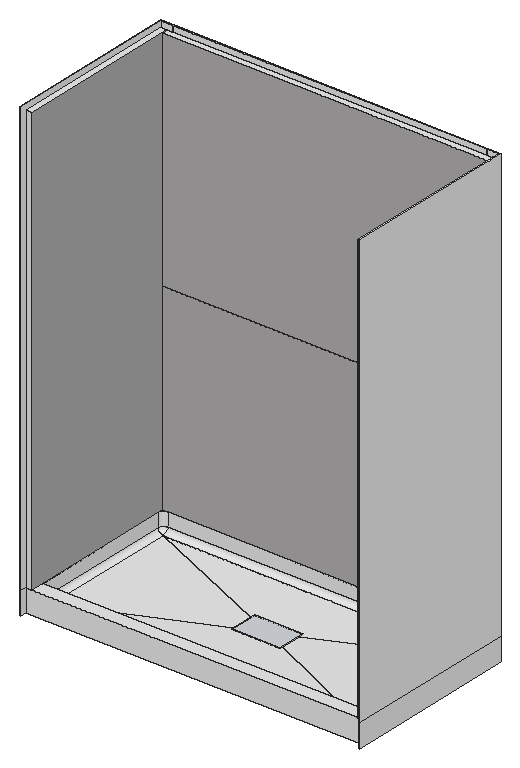
Revit family "5LBS6030FBSQ.V2", category Plumbing Fixtures, Revit 2019
Family settings
  Round Connector Dimension = Use Diameter
  Part Type = Normal
  OmniClass Number = 23.45.05.14.17
  OmniClass Title = Showers
  Work Plane-Based = No
  Always vertical = Yes
  Cut with Voids When Loaded = No
  Shared = No
  Room Calculation Point = No
Parameters (values of type "5LBS6030FBSQ.V2")
  Unit Width = 60"
  Unit Height = 80 1/2"
  Unit Depth = 31"
  URL = "http://www.bestbath.com/"
  Type Comments = "Remodeler"
  Model = "5LBS6030FBSQ.V2"
  Material [instance] = Best Bath Gelcoat Fiberglass - 4 x 8 Subway Tile
  Manufacturer = "Best Bath Systems, Inc."
  Keynote = "22 40 00.B3"
  Description = "4 x 8 Subway Tile Finish"
  Assembly Code = "D2010710"
Reference planes (in)
  plane 1 "Back": y = -0.5
  plane 2: z = 0
  plane 3 "Left": x = 0
  plane 4: x = 60
  plane 5: y = -30.5
  plane 6: z = 79.5
  plane 7: z = 0.75
  plane 8: z = 80.5
  plane 9: x = 30
  plane 10: y = -1.75
  plane 11: y = -14.5
  plane 12: z = 0.375
  plane 13: z = 4
  plane 14: z = 39.5
  plane 15: y = -31.5
Forms (in)
  Extrusion 1, solid, material "Best Bath Gelcoat Fiberglass - Smooth"
    sketch origin (0, 0, 0) x (1, 0, 0) y (0, 1, 0)
      loop
        line (0, -0.5) -> (0, -30.5) -> (60, -30.5) -> (60, -0.5) -> (0, -0.5)
    from 0 to 0.75
  Extrusion 2, solid, material "Best Bath Gelcoat Fiberglass - Smooth"
    sketch origin (0, 0, 0) x (1, 0, 0) y (0, 1, 0)
      loop
        line (1.25, -0.5) -> (1.25, -1.75) -> (58.75, -1.75) -> (58.75, -0.5) -> (1.25, -0.5)
    from 4 to 39.5
  Extrusion 3, solid, material "Best Bath Gelcoat Fiberglass - Smooth"
    sketch origin (0, 0, 0) x (1, 0, 0) y (0, 1, 0)
      loop
        line (0, -30.5) -> (1.25, -30.5) -> (1.25, -2.75)
        arc (1.25, -2.75) -> (1.54289, -2.04289) -> (2.25, -1.75) r 1
        line (2.25, -1.75) -> (57.75, -1.75)
        arc (57.75, -1.75) -> (58.45711, -2.04289) -> (58.75, -2.75) r 1
        line (58.75, -2.75) -> (58.75, -30.5) -> (60, -30.5) -> (60, -0.5) -> (0, -0.5) -> (0, -30.5)
    from 0 to 4
  Extrusion 4, solid, material "Best Bath Gelcoat Fiberglass - Smooth"
    sketch origin (0, 0, 0) x (1, 0, 0) y (0, 1, 0)
      loop
        line (0, -30.5) -> (1.25, -30.5) -> (1.25, -0.5) -> (0, -0.5) -> (0, -30.5)
      loop
        line (58.75, -30.5) -> (60, -30.5) -> (60, -0.5) -> (58.75, -0.5) -> (58.75, -30.5)
    from 4 to 79.5
  Sweep 5, solid, material "Best Bath Gelcoat Fiberglass - Smooth"
    path origin (0, 0, 0) x (1, 0, 0) y (0, 1, 0)
      loop
        line (1.25, -30.5) -> (1.25, -2.75)
        arc (1.25, -2.75) -> (1.54289, -2.04289) -> (2.25, -1.75) r 1
        line (2.25, -1.75) -> (57.75, -1.75)
        arc (57.75, -1.75) -> (58.45711, -2.04289) -> (58.75, -2.75) r 1
        line (58.75, -2.75) -> (58.75, -30.5)
    profile origin (1.25, -16.625, 0) x (-1, 0, 0) y (0, 0, 1)
      loop
        line (0, 0.75) -> (0, 1.7)
        arc (0, 1.7) -> (-0.27825, 1.02825) -> (-0.95, 0.75) r 0.95
        line (-0.95, 0.75) -> (0, 0.75)
  Blend 6, void
    base sketch origin (0, 0, 0) x (1, 0, 0) y (0, 1, 0)
      loop
        line (2.25, -27.5) -> (57.75, -27.5) -> (57.75, -2.75) -> (2.25, -2.75) -> (2.25, -27.5)
    top sketch origin (0, 0, 0) x (1, 0, 0) y (0, 1, 0)
      loop
        circle (30, -14.5) r 0.07155
    from 0.75 to 0.375
  Extrusion 7, solid, material "Best Bath Gelcoat Fiberglass - Smooth"
    sketch origin (0, 0, 0) x (1, 0, 0) y (0, 1, 0)
      loop
        line (1.25, -0.5) -> (1.25, -1.75) -> (58.75, -1.75) -> (58.75, -0.5) -> (1.25, -0.5)
    from 39.5 to 79.5
  Sweep 8, solid, material "Best Bath Gelcoat Fiberglass - Smooth"
    path origin (0, 0, 0) x (1, 0, 0) y (0, 1, 0)
      loop
        line (1.25, -30.5) -> (58.75, -30.5)
    profile origin (30, -30.5, 0) x (0, 1, 0) y (0, 0, 1)
      loop
        line (0, 0) -> (3.15, 0) -> (2.35, 4) -> (0, 4) -> (0, 0)
  Extrusion 9, solid, material "Best Bath Gelcoat Fiberglass - Smooth"
    sketch origin (0, 0, 0) x (1, 0, 0) y (0, 1, 0)
      loop
        line (0, -30.5) -> (0, -31.5) -> (0.125, -31.5) -> (0.125, -30.5) -> (0, -30.5)
      loop
        line (60, -30.5) -> (59.875, -30.5) -> (59.875, -31.5) -> (60, -31.5) -> (60, -30.5)
    from 0 to 4
  Extrusion 10, solid, material "Best Bath Gelcoat Fiberglass - Smooth"
    sketch origin (0, 0, 0) x (1, 0, 0) y (0, 1, 0)
      loop
        line (2.25, -0.5) -> (2.25, -0.625) -> (57.75, -0.625) -> (57.75, -0.5) -> (2.25, -0.5)
    from 79.5 to 80.5
  Extrusion 11, solid, material "Best Bath Gelcoat Fiberglass - Smooth"
    sketch origin (0, 0, 0) x (1, 0, 0) y (0, 1, 0)
      loop
        line (0, -31.5) -> (0.125, -31.5) -> (0.125, -0.625) -> (2.25, -0.625) -> (2.25, -0.5) -> (0, -0.5) -> (0, -31.5)
      loop
        line (60, -31.5) -> (60, -0.5) -> (57.75, -0.5) -> (57.75, -0.625) -> (59.875, -0.625) -> (59.875, -31.5) -> (60, -31.5)
    from 4 to 80.5
  Extrusion 12, void
    sketch origin (0, 0, 0.75) x (0, 1, 0) y (1, 0, 0)
      loop
        line (-12, 25.75) -> (-12, 34.25) -> (-17, 34.25) -> (-17, 25.75) -> (-12, 25.75)
    from 0 to 0.5
  Extrusion 13, void
    sketch origin (0, 0, 0.75) x (0, 1, 0) y (1, 0, 0)
      loop
        circle (-14.5, 30) r 1.25
    from 0 to 1
  Extrusion 14, solid
    sketch origin (0, 0, 0.25) x (0, 1, 0) y (-1, 0, 0)
      loop
        line (-12, -25.75) -> (-17, -25.75) -> (-17, -34.25) -> (-12, -34.25) -> (-12, -25.75)
    from 0 to 0.25
Cuts and joins
  Blend 6, Extrusion 12, Extrusion 13 cuts Extrusion 1
  Blend 6, Extrusion 12, Extrusion 13 cuts Extrusion 3
  Blend 6, Extrusion 12, Extrusion 13 cuts Sweep 5
  Extrusion 12, Extrusion 13 cuts Sweep 8
  Extrusion 12, Extrusion 13 cuts Extrusion 9
  joined: Extrusion 1, Extrusion 3, Sweep 5, Sweep 8, Extrusion 9
  joined: Extrusion 7, Extrusion 10
  joined: Extrusion 4, Extrusion 11
Dimensions and locks (in)
  "Unit Width": plane 3 "Left" to plane 4
  locked: plane 7 to level at 0.75
  locked: plane 8 to plane 6 at 1
  "Unit Height": plane 8 to level
  plane 3 "Left" to plane 9 to plane 4 = 30", 30"
  locked: plane 1 "Back" to plane 11 at 14
  plane 10 to plane 1 "Back" = 1 1/4"
  locked: plane 7 to plane 12 at 0.375
  locked: plane 14 to plane 13 at 35.5
  locked: plane 13 to level at 4
  locked: plane 5 to plane 15 at 1
  "Unit Depth": plane 15 to plane 1 "Back"
  aligned and locked: level to plane 2
  aligned and locked: Extrusion 1 to plane 7
  aligned and locked: plane 5 to Extrusion 1 sketch curve
  aligned and locked: plane 4 to Extrusion 1 sketch curve
  aligned and locked: Extrusion 2 sketch curve to Extrusion 1
  aligned and locked: Extrusion 2 sketch curve to plane 10
  aligned and locked: plane 13 to Extrusion 3
  aligned and locked: Extrusion 2 to plane 13
  aligned and locked: Extrusion 4 to Extrusion 2
  aligned and locked: plane 6 to Extrusion 4
  aligned and locked: Sweep 5 sketch curve to plane 7
  aligned and locked: plane 11 to Blend 6 sketch curve
  aligned and locked: plane 9 to Blend 6 sketch curve
  aligned and locked: Blend 6 to plane 12
  aligned and locked: Extrusion 1 to Blend 6
  aligned and locked: plane 14 to Extrusion 2
  aligned and locked: Extrusion 7 to Extrusion 2  (x2)
  aligned and locked: plane 6 to Extrusion 7
  aligned and locked: Extrusion 9 to Extrusion 2
  aligned and locked: plane 8 to Extrusion 10
  aligned and locked: Extrusion 10 to plane 6
  aligned and locked: Extrusion 11 to Extrusion 2
  aligned and locked: plane 8 to Extrusion 11
  aligned and locked: Extrusion 7 to cut or joined group of Extrusion 1, Extrusion 3, Sweep 5, Blend 6, Sweep 8, Extrusion 9, Extrusion 12, Extrusion 13
  aligned and locked: Extrusion 2 to cut or joined group of Extrusion 1, Extrusion 3, Sweep 5, Blend 6, Sweep 8, Extrusion 9, Extrusion 12, Extrusion 13
  aligned and locked: cut or joined group of Extrusion 1, Extrusion 3, Sweep 5, Blend 6, Sweep 8, Extrusion 9, Extrusion 12, Extrusion 13 to Extrusion 2
Automatic sketch dimensions
  plane 3 "Left" to Extrusion 2 sketch curve = 1 1/4"
  plane 4 to Extrusion 2 sketch curve = 1 1/4"
  Extrusion 3 sketch curve to plane 3 "Left" = 0"
  Extrusion 3 sketch curve to plane 5 = 0"  (x2)
  Extrusion 3 sketch curve to plane 10 = 0"
  plane 1 "Back" to Extrusion 3 sketch curve = 0"
  Extrusion 3 sketch curve to plane 4 = 0"
  plane 3 "Left" to Extrusion 3 sketch curve = 1 1/4"
  Extrusion 3 sketch curve to plane 10 = 1"
  plane 4 to Extrusion 3 sketch curve = 2 1/4"
  plane 4 to Extrusion 3 sketch curve = 1 1/4"
  Extrusion 4 sketch curve to plane 3 "Left" = 0"
  Extrusion 4 sketch curve to plane 5 = 0"  (x2)
  plane 1 "Back" to Extrusion 4 sketch curve = 0"  (x2)
  Extrusion 4 sketch curve to plane 4 = 0"
  plane 3 "Left" to Extrusion 4 sketch curve = 1 1/4"
  Sweep 5 sketch curve to plane 5 = 0"  (x2)
  Sweep 5 sketch curve to plane 10 = 0"
  plane 3 "Left" to Sweep 5 sketch curve = 1 1/4"
  Sweep 5 sketch curve to Sweep 5 sketch curve = 1"
  Sweep 5 sketch curve to plane 10 = 1"
  plane 4 to Sweep 5 sketch curve = 2 1/4"
  Sweep 5 sketch curve to profile plane = 0"
  profile plane to Sweep 5 sketch curve = 0.95"
  Blend 6 sketch curve to plane 10 = 1"
  plane 3 "Left" to Blend 6 sketch curve = 2 1/4"
  plane 4 to Blend 6 sketch curve = 2 1/4"
  plane 5 to Blend 6 sketch curve = 3"
  plane 1 "Back" to Extrusion 7 sketch curve = 0"
  Extrusion 7 sketch curve to plane 10 = 0"
  plane 3 "Left" to Extrusion 7 sketch curve = 1 1/4"
  plane 4 to Extrusion 7 sketch curve = 1 1/4"
  Sweep 8 sketch curve to plane 5 = 0"
  plane 3 "Left" to Sweep 8 sketch curve = 1 1/4"
  plane 4 to Sweep 8 sketch curve = 1 1/4"
  Extrusion 9 sketch curve to plane 3 "Left" = 0"
  Extrusion 9 sketch curve to plane 15 = 0"  (x2)
  Extrusion 9 sketch curve to plane 5 = 0"  (x2)
  Extrusion 9 sketch curve to plane 4 = 0"
  plane 3 "Left" to Extrusion 9 sketch curve = 1/8"
  Extrusion 9 sketch curve to Extrusion 9 sketch curve = 1/8"
  plane 1 "Back" to Extrusion 10 sketch curve = 0"
  plane 1 "Back" to Extrusion 10 sketch curve = 1/8"
  plane 3 "Left" to Extrusion 10 sketch curve = 2 1/4"
  plane 4 to Extrusion 10 sketch curve = 2 1/4"
  Extrusion 11 sketch curve to plane 3 "Left" = 0"
  Extrusion 11 sketch curve to plane 15 = 0"  (x2)
  plane 1 "Back" to Extrusion 11 sketch curve = 0"  (x2)
  Extrusion 11 sketch curve to plane 4 = 0"
  plane 3 "Left" to Extrusion 11 sketch curve = 1/8"
  plane 1 "Back" to Extrusion 11 sketch curve = 1/8"  (x2)
  Extrusion 11 sketch curve to Extrusion 11 sketch curve = 2 1/8"
  Extrusion 11 sketch curve to Extrusion 11 sketch curve = 2 1/4"
  Extrusion 11 sketch curve to Extrusion 11 sketch curve = 1/8"
  Sweep 8 sketch curve to profile plane = 0"  (x2)
  Sweep 8 sketch curve to profile plane = 2.35"
  Sweep 8 sketch curve to profile plane = 3.15"
  profile plane to Sweep 8 sketch curve = 4"
  Extrusion 4 sketch curve to Extrusion 4 sketch curve = 1 1/4"
  Extrusion 1 sketch curve to plane 3 "Left" = 0"
  plane 1 "Back" to Extrusion 1 sketch curve = 0"
  Extrusion 12 sketch curve to Extrusion 1 = 25 3/4"
  Extrusion 12 sketch curve to Extrusion 12 sketch curve = 8 1/2"
  Extrusion 12 sketch curve to Extrusion 1 = 13 1/2"
  Extrusion 12 sketch curve to Extrusion 12 sketch curve = 5"
  Extrusion 13 sketch curve to Extrusion 1 = 14"
  Extrusion 13 sketch curve to Extrusion 1 = 30"
  Extrusion 14 sketch curve to Extrusion 12 = 0"  (x4)
  radius of Blend 6 sketch curve = 0.07155"
  radius of Extrusion 13 sketch curve = 1 1/4"
